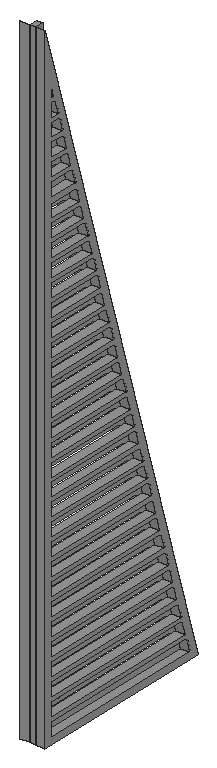
Revit family "MBS_shading panel1__up_90", category Generic Models, Revit 2014
Reference planes
  plane 1 "Center (Front/Back)": y = 0
  plane 2: z = 0
  plane 3 "Center (Left/Right)": x = 0
Dimensions and locks
  aligned and locked: level to plane 2
Nested families
  nested 1: "MBS_rounding mullion shading system1" at (100, -200, 0), type "MBS_rounding mullion shading system1"
    with rounding mullion height 2700 mm
  nested 2: "MBS_shading panel1" at (155, -240, 2700) x (0, -1, 0) z (-1, 0, 0), type "MBS_shading panel1"
    with shad panel thickness 40 mm, shad panel 1 void height 2700 mm
  nested 3: "MBS_shading panel1" at (180, -240, 2700) x (0, -1, 0) z (1, 0, 0), type "MBS_shading panel1"
    with shad panel thickness 40 mm, shad panel 1 void height 2700 mm
Definition of nested family "MBS_rounding mullion shading system1"
  Parameters (values of type "MBS_rounding mullion shading system1")
    rounding mullion mater = Steel, Galvanized rounding mull
    rounding mullion height [instance] = 2700 mm
    Default Elevation = 1219.2 mm
  Reference planes
    plane 1 "Center (Front/Back)": y = 0
    plane 2: z = 0
    plane 3 "Center (Left/Right)": x = 0
  Forms (mm)
    Extrusion 1, solid
      sketch origin (0, 0, 0) x (1, 0, 0) y (0, 1, 0)
        loop
          line (-1219.2, 1219.2) -> (-1219.2, -1219.2) -> (1219.2, -1219.2) -> (1219.2, 1219.2) -> (-1219.2, 1219.2)
      from 0 to -304.8
    Extrusion 2, solid, material "Steel, Galvanized rounding mull" <- "rounding mullion mater"
      sketch origin (0, 0, 0) x (1, 0, 0) y (0, 1, 0)
        loop
          line (55, 0) -> (55, -40) -> (80, -40) -> (80, 0) -> (55, 0)
      from 0 to 2700 <- "rounding mullion height"
  Dimensions and locks
    aligned and locked: plane 2 to Extrusion 1
    aligned and locked: level to Extrusion 1
Definition of nested family "MBS_shading panel1"
  Parameters (values of type "MBS_shading panel1")
    shading panel mater = Oak, White shading panel
    shad panel thickness [instance] = 40 mm
    shad panel 1 void height [instance] = 2700 mm
    panel hole = 60 mm
    Default Elevation = 1219.2 mm
  Reference planes
    plane 1 "Center (Front/Back)": y = 0
    plane 2: z = 0
    plane 3 "Center (Left/Right)": x = 0
    plane 4: y = -281.851
    plane 5: y = -341.851
    plane 6: y = -356.851
    plane 7: y = -416.851
    plane 8: through (-30, -206.851, 1219.2) normal (0.9588, -0.2841, 0)
    plane 9: y = -431.851
    plane 10: y = -491.851
    plane 11: y = -506.851
    plane 12: y = -566.851
    plane 13: y = -581.851
    plane 14: y = -641.851
    plane 15: y = -661.851
    plane 16: y = -721.851
    plane 17: y = -736.851
    plane 18: y = -796.851
    plane 19: y = -811.851
    plane 20: y = -871.851
    plane 21: y = -886.851
    plane 22: y = -946.851
    plane 23: y = -961.851
    plane 24: y = -1021.851
    plane 25: y = -1036.851
    plane 26: y = -1096.851
    plane 27: y = -1111.851
    plane 28: y = -1171.851
    plane 29: y = -1186.851
    plane 30: y = -1246.851
    plane 31: y = -1261.851
    plane 32: y = -1321.851
    plane 33: y = -1336.851
    plane 34: y = -1396.851
    plane 35: y = -1411.851
    plane 36: y = -1471.851
    plane 37: y = -1486.851
    plane 38: y = -1546.851
    plane 39: y = -1561.851
    plane 40: y = -1621.851
    plane 41: y = -1636.851
    plane 42: y = -1696.851
    plane 43: y = -1711.851
    plane 44: y = -1771.851
    plane 45: y = -1786.851
    plane 46: y = -1846.851
    plane 47: y = -1861.851
    plane 48: y = -1921.851
    plane 49: y = -1936.851
    plane 50: y = -1996.851
    plane 51: y = -2011.851
    plane 52: y = -2071.851
    plane 53: y = -2086.851
    plane 54: y = -2146.851
    plane 55: y = -2161.851
    plane 56: y = -2221.851
    plane 57: y = -2236.851
    plane 58: y = -2296.851
    plane 59: y = -2311.851
    plane 60: y = -2371.851
    plane 61: y = -2386.851
    plane 62: y = -2446.851
    plane 63: y = -2521.851
    plane 64: y = -2461.851
    plane 65: y = -2536.851
    plane 66: y = -2596.851
    plane 67: y = -2611.851
    plane 68: y = -2671.851
  Forms (mm)
    Extrusion 1, solid
      sketch origin (0, 0, 0) x (1, 0, 0) y (0, 1, 0)
        loop
          line (-1219.2, 1219.2) -> (-1219.2, -1219.2) -> (1219.2, -1219.2) -> (1219.2, 1219.2) -> (-1219.2, 1219.2)
      from 0 to -304.8
    Extrusion 2, solid, material "Oak, White shading panel" <- "shading panel mater"
      sketch origin (227.833, -1442.49, 0) x (1, 0, 0) y (0, 1, 0)
        loop
          line (-227.833, 1442.49) -> (-1027.833, -1257.51) -> (-227.833, -1257.51) -> (-227.833, 1442.49)
        loop
          line (-257.833, 1235.639) -> (-275.611, 1175.639) -> (-257.833, 1175.639) -> (-257.833, 1235.639)
        loop
          line (-257.833, 1160.639) -> (-280.056, 1160.639) -> (-297.833, 1100.639) -> (-257.833, 1100.639) -> (-257.833, 1160.639)
        loop
          line (-257.833, 1085.639) -> (-302.278, 1085.639) -> (-320.056, 1025.639) -> (-257.833, 1025.639) -> (-257.833, 1085.639)
        loop
          line (-257.833, 1010.639) -> (-324.5, 1010.639) -> (-342.278, 950.639) -> (-257.833, 950.639) -> (-257.833, 1010.639)
        loop
          line (-257.833, 860.639) -> (-368.944, 860.639) -> (-386.722, 800.639) -> (-257.833, 800.639) -> (-257.833, 860.639)
        loop
          line (-257.833, 935.639) -> (-346.722, 935.639) -> (-364.5, 875.639) -> (-257.833, 875.639) -> (-257.833, 935.639)
        loop
          line (-257.833, 780.639) -> (-392.648, 780.639) -> (-410.426, 720.639) -> (-257.833, 720.639) -> (-257.833, 780.639)
        loop
          line (-257.833, 705.639) -> (-414.87, 705.639) -> (-432.648, 645.639) -> (-257.833, 645.639) -> (-257.833, 705.639)
        loop
          line (-257.833, 630.639) -> (-437.093, 630.639) -> (-454.87, 570.639) -> (-257.833, 570.639) -> (-257.833, 630.639)
        loop
          line (-257.833, 555.639) -> (-459.315, 555.639) -> (-477.093, 495.639) -> (-257.833, 495.639) -> (-257.833, 555.639)
        loop
          line (-257.833, 480.639) -> (-481.537, 480.639) -> (-499.315, 420.639) -> (-257.833, 420.639) -> (-257.833, 480.639)
        loop
          line (-257.833, 405.639) -> (-503.759, 405.639) -> (-521.537, 345.639) -> (-257.833, 345.639) -> (-257.833, 405.639)
        loop
          line (-257.833, 330.639) -> (-525.982, 330.639) -> (-543.759, 270.639) -> (-257.833, 270.639) -> (-257.833, 330.639)
        loop
          line (-257.833, 255.639) -> (-548.204, 255.639) -> (-565.982, 195.639) -> (-257.833, 195.639) -> (-257.833, 255.639)
        loop
          line (-257.833, 180.639) -> (-570.426, 180.639) -> (-588.204, 120.639) -> (-257.833, 120.639) -> (-257.833, 180.639)
        loop
          line (-257.833, 105.639) -> (-592.648, 105.639) -> (-610.426, 45.639) -> (-257.833, 45.639) -> (-257.833, 105.639)
        loop
          line (-257.833, 30.639) -> (-614.87, 30.639) -> (-632.648, -29.361) -> (-257.833, -29.361) -> (-257.833, 30.639)
        loop
          line (-257.833, -44.361) -> (-637.093, -44.361) -> (-654.87, -104.361) -> (-257.833, -104.361) -> (-257.833, -44.361)
        loop
          line (-257.833, -119.361) -> (-659.315, -119.361) -> (-677.093, -179.361) -> (-257.833, -179.361) -> (-257.833, -119.361)
        loop
          line (-257.833, -194.361) -> (-681.537, -194.361) -> (-699.315, -254.361) -> (-257.833, -254.361) -> (-257.833, -194.361)
        loop
          line (-257.833, -269.361) -> (-703.759, -269.361) -> (-721.537, -329.361) -> (-257.833, -329.361) -> (-257.833, -269.361)
        loop
          line (-257.833, -344.361) -> (-725.982, -344.361) -> (-743.759, -404.361) -> (-257.833, -404.361) -> (-257.833, -344.361)
        loop
          line (-257.833, -419.361) -> (-748.204, -419.361) -> (-765.982, -479.361) -> (-257.833, -479.361) -> (-257.833, -419.361)
        loop
          line (-257.833, -494.361) -> (-770.426, -494.361) -> (-788.204, -554.361) -> (-257.833, -554.361) -> (-257.833, -494.361)
        loop
          line (-257.833, -569.361) -> (-792.648, -569.361) -> (-810.426, -629.361) -> (-257.833, -629.361) -> (-257.833, -569.361)
        loop
          line (-257.833, -644.361) -> (-814.87, -644.361) -> (-832.648, -704.361) -> (-257.833, -704.361) -> (-257.833, -644.361)
        loop
          line (-257.833, -719.361) -> (-837.093, -719.361) -> (-854.87, -779.361) -> (-257.833, -779.361) -> (-257.833, -719.361)
        loop
          line (-257.833, -794.361) -> (-859.315, -794.361) -> (-877.093, -854.361) -> (-257.833, -854.361) -> (-257.833, -794.361)
        loop
          line (-257.833, -869.361) -> (-881.537, -869.361) -> (-899.315, -929.361) -> (-257.833, -929.361) -> (-257.833, -869.361)
        loop
          line (-257.833, -944.361) -> (-903.759, -944.361) -> (-921.537, -1004.361) -> (-257.833, -1004.361) -> (-257.833, -944.361)
        loop
          line (-257.833, -1019.361) -> (-925.982, -1019.361) -> (-943.759, -1079.361) -> (-257.833, -1079.361) -> (-257.833, -1019.361)
        loop
          line (-257.833, -1094.361) -> (-948.204, -1094.361) -> (-965.982, -1154.361) -> (-257.833, -1154.361) -> (-257.833, -1094.361)
        loop
          line (-257.833, -1169.361) -> (-970.426, -1169.361) -> (-988.204, -1229.361) -> (-257.833, -1229.361) -> (-257.833, -1169.361)
      from 0 to 40 <- "shad panel thickness"
  Dimensions and locks
    "panel hole": plane 4 to plane 5
    "panel hole": plane 6 to plane 7
    "panel hole": plane 9 to plane 10
    "panel hole": plane 11 to plane 12
    "panel hole": plane 13 to plane 14
    "panel hole": plane 15 to plane 16
    "panel hole": plane 17 to plane 18
    "panel hole": plane 19 to plane 20
    "panel hole": plane 21 to plane 22
    "panel hole": plane 23 to plane 24
    "panel hole": plane 25 to plane 26
    "panel hole": plane 27 to plane 28
    "panel hole": plane 29 to plane 30
    "panel hole": plane 31 to plane 32
    "panel hole": plane 33 to plane 34
    "panel hole": plane 35 to plane 36
    "panel hole": plane 37 to plane 38
    "panel hole": plane 39 to plane 40
    "panel hole": plane 41 to plane 42
    "panel hole": plane 43 to plane 44
    "panel hole": plane 45 to plane 46
    "panel hole": plane 47 to plane 48
    "panel hole": plane 49 to plane 50
    "panel hole": plane 51 to plane 52
    "panel hole": plane 53 to plane 54
    "panel hole": plane 55 to plane 56
    "panel hole": plane 57 to plane 58
    "panel hole": plane 59 to plane 60
    "panel hole": plane 61 to plane 62
    "panel hole": plane 64 to plane 63
    "panel hole": plane 65 to plane 66
    "panel hole": plane 67 to plane 68
    aligned and locked: plane 2 to Extrusion 1
    aligned and locked: level to Extrusion 1
    aligned and locked: plane 4 to Extrusion 2 sketch curve
    aligned and locked: plane 5 to Extrusion 2 sketch curve
    aligned and locked: plane 6 to Extrusion 2 sketch curve
    aligned and locked: plane 7 to Extrusion 2 sketch curve
    aligned and locked: plane 8 to Extrusion 2 sketch curve  (x33)
    aligned and locked: plane 9 to Extrusion 2 sketch curve
    aligned and locked: plane 10 to Extrusion 2 sketch curve
    aligned and locked: plane 11 to Extrusion 2 sketch curve
    aligned and locked: plane 12 to Extrusion 2 sketch curve
    aligned and locked: plane 13 to Extrusion 2 sketch curve
    aligned and locked: plane 14 to Extrusion 2 sketch curve
    aligned and locked: plane 15 to Extrusion 2 sketch curve
    aligned and locked: plane 16 to Extrusion 2 sketch curve
    aligned and locked: plane 17 to Extrusion 2 sketch curve
    aligned and locked: plane 18 to Extrusion 2 sketch curve
    aligned and locked: plane 19 to Extrusion 2 sketch curve
    aligned and locked: plane 20 to Extrusion 2 sketch curve
    aligned and locked: plane 21 to Extrusion 2 sketch curve
    aligned and locked: plane 22 to Extrusion 2 sketch curve
    aligned and locked: plane 23 to Extrusion 2 sketch curve
    aligned and locked: plane 24 to Extrusion 2 sketch curve
    aligned and locked: plane 25 to Extrusion 2 sketch curve
    aligned and locked: plane 26 to Extrusion 2 sketch curve
    aligned and locked: plane 27 to Extrusion 2 sketch curve
    aligned and locked: plane 28 to Extrusion 2 sketch curve
    aligned and locked: plane 29 to Extrusion 2 sketch curve
    aligned and locked: plane 30 to Extrusion 2 sketch curve
    aligned and locked: plane 31 to Extrusion 2 sketch curve
    aligned and locked: plane 32 to Extrusion 2 sketch curve
    aligned and locked: plane 33 to Extrusion 2 sketch curve
    aligned and locked: plane 34 to Extrusion 2 sketch curve
    aligned and locked: plane 35 to Extrusion 2 sketch curve
    aligned and locked: plane 36 to Extrusion 2 sketch curve
    aligned and locked: plane 37 to Extrusion 2 sketch curve
    aligned and locked: plane 38 to Extrusion 2 sketch curve
    aligned and locked: plane 39 to Extrusion 2 sketch curve
    aligned and locked: plane 40 to Extrusion 2 sketch curve
    aligned and locked: plane 41 to Extrusion 2 sketch curve
    aligned and locked: plane 42 to Extrusion 2 sketch curve
    aligned and locked: plane 43 to Extrusion 2 sketch curve
    aligned and locked: plane 44 to Extrusion 2 sketch curve
    aligned and locked: plane 45 to Extrusion 2 sketch curve
    aligned and locked: plane 46 to Extrusion 2 sketch curve
    aligned and locked: plane 47 to Extrusion 2 sketch curve
    aligned and locked: plane 48 to Extrusion 2 sketch curve
    aligned and locked: plane 49 to Extrusion 2 sketch curve
    aligned and locked: plane 50 to Extrusion 2 sketch curve
    aligned and locked: plane 51 to Extrusion 2 sketch curve
    aligned and locked: plane 52 to Extrusion 2 sketch curve
    aligned and locked: plane 53 to Extrusion 2 sketch curve
    aligned and locked: plane 54 to Extrusion 2 sketch curve
    aligned and locked: plane 55 to Extrusion 2 sketch curve
    aligned and locked: plane 56 to Extrusion 2 sketch curve
    aligned and locked: plane 57 to Extrusion 2 sketch curve
    aligned and locked: plane 58 to Extrusion 2 sketch curve
    aligned and locked: plane 59 to Extrusion 2 sketch curve
    aligned and locked: plane 60 to Extrusion 2 sketch curve
    aligned and locked: plane 61 to Extrusion 2 sketch curve
    aligned and locked: plane 62 to Extrusion 2 sketch curve
    aligned and locked: plane 63 to Extrusion 2 sketch curve
    aligned and locked: plane 64 to Extrusion 2 sketch curve
    aligned and locked: plane 65 to Extrusion 2 sketch curve
    aligned and locked: plane 66 to Extrusion 2 sketch curve
    aligned and locked: plane 67 to Extrusion 2 sketch curve
    aligned and locked: plane 68 to Extrusion 2 sketch curve
  Automatic sketch dimensions
    Extrusion 1 sketch curve to Extrusion 1 sketch curve = 2438.4 mm  (x2)
    Extrusion 2 sketch curve to plane 3 "Center (Left/Right)" = 0 mm
    plane 1 "Center (Front/Back)" to Extrusion 2 sketch curve = 0 mm
    Extrusion 2 sketch curve to plane 68 = 28.149 mm
    Extrusion 2 sketch curve to Extrusion 2 sketch curve = 39.63 mm
    plane 4 to Extrusion 2 sketch curve = 15 mm
    Extrusion 2 sketch curve to plane 3 "Center (Left/Right)" = 30 mm  (x16)
    Extrusion 2 sketch curve to Extrusion 2 sketch curve = 0 mm  (x17)
